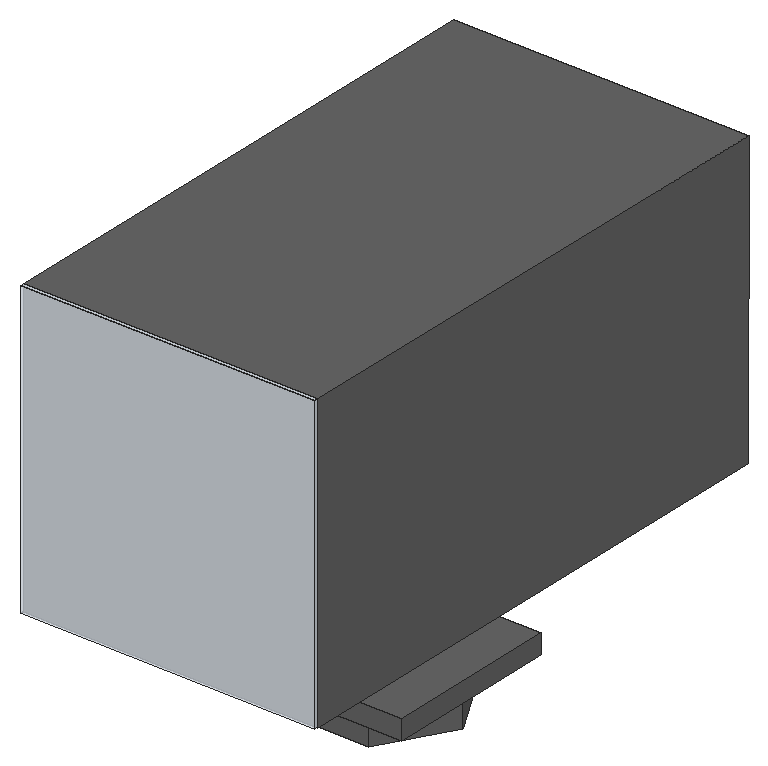
Revit family "LTC-6SQD-W", category Lighting Fixtures, host Face, Revit 2017
Family settings
  Host = Face
  Round Connector Dimension = Use Diameter
  Part Type = Normal
  OmniClass Number = 23.80.70.11.14.11
  OmniClass Title = Downlights
  Cut with Voids When Loaded = No
  Light Source = Yes
  Shared = No
  Room Calculation Point = No
Parameters (values of type "LTC-6SQD-W")
  Wattage Comments = "8-52W"  # constant formula
  Wattage = 70 W
  Warranty = "• 5 year warranty\r\n• See HLI Standard Warranty for\r\nadditional information"  # constant formula
  built-in parameter 1150110 = 1 (stored number, unit not read)
  Voltage = 120 V
  built-in parameter 1114217 = 1 (stored number, unit not read)
  Tilt Angle = -90.00°  # constant formula
  built-in parameter 1150109 = 1 (stored number, unit not read)
  built-in parameter 1150134 = 3
  built-in parameter 1150113 = 1 (stored number, unit not read)
  Recessed = yes
  Photometric Web File = "LTC-6SQD-P-06L35K8MD-DM1-S-BL.ies"
  Features = "•\t6 inch architectural LED downlight cylinder delivering 600–2500 lm \r\n•\t4 beam distributions from 0.6 to 1.2 Spacing Criteria \r\n•\tQuiet reflector appearance with 50º optical cutoff \r\n•\tSpectraSync(TM) Color Tuning technology allows flexibility to tailor CCT to aesthetic preferences Available in Dim To Warm (2200K-3000K) or Tunable White (2700K-5000K or 2700K-6500K), 90 CRI \r\n•\tAvailable in Surface, Wall, Pendant, or Cable/Cord Mount configurations \r\n•\tVersatile canopy options for recessed and surface-mounted J-box applications \r\n•\tStandard with 0-10V dimming to 5%\r\n"  # constant formula
  built-in parameter 1150105 = -12994800 (stored number, unit not read)
  Lumens = 4900 lm
  built-in parameter 1150115 = 1 (stored number, unit not read)
  built-in parameter 1150137 = (empty or 0)
  built-in parameter 1150139 = (empty or 0)
  built-in parameter 1150112 = 1 (stored number, unit not read)
  built-in parameter 1150114 = 1 (stored number, unit not read)
  built-in parameter 1150132 = (empty or 0)
  built-in parameter 1150102 = (empty or 0)
  built-in parameter 1150107 = 3200 (stored number, unit not read)
  built-in parameter 1150138 = (empty or 0)
  built-in parameter 1150106 = -129948 (stored number, unit not read)
  Emit from Rectangle Width = 7.500"  # constant formula
  Emit from Rectangle Length = 7.500"  # constant formula
  Emit Shape Visible in Rendering = no
  built-in parameter 1150104 = 6.5032 (stored number, unit not read)
  Distance = 10.470"
  Dimming Lamp Color Temperature Shift = <None>
  Copyright = "© 2021 Prescolite, a division of Hubbell Lighting, Inc"  # constant formula
  Contact us = "https://www.hubbell.com/prescolite/en/contactUs"
  Color Filter = 16777215
  Certifications = "• cCSAus certified to UL 1598\r\n• Wall Mount: Suitable for wet locations\r\n• Surface & Pendant Mount: Suitable for wet\r\nlocations under covered ceiling\r\n• Cord Mount and all Wall Wash: Suitable for\r\ndamp locations"  # constant formula
  Canopy Height = 0.500"
  Canopy Distance = 4.500"
  built-in parameter 1114218 = 1 (stored number, unit not read)
  Ballast = Paint - Hubbell - Carbon Black
  URL = "https://www.hubbell.com/prescolite/en"
  Product Page URL = "https://www.hubbell.com/prescolite/en/Products/Lighting-Controls/Commercial-Indoor-Lighting/Cylinders/LITEISTRY-6-Square-Cylinder-wSpectraSync/p/3775908"
  Product Documentation Link = "https://hubbellcdn.com/specsheet/LTC-6SQD%20SpectraSync.pdf"
  Model = "LTC-6SQD"  # constant formula
  Manufacturer = "Prescolite"  # constant formula
  Lamp = "LED Lamp"
  Reflector = Glass - Hubbell - Glass
  Description = "LITEISTRY™ 6inch Square Cylinder with color turing "  # constant formula
  Default Elevation = 48.000"
  Backbox = Hubbell - Matt Black
  built-in parameter 1150133 = 10 (stored number, unit not read)
  Apparent Load = 72 VA  # constant formula
Types (3): name | Recessed | Distance | Canopy Height | Canopy Distance
  (no name) | yes | 10.470" | 0.500" | 4.500"
  LTC-6SQD-W | yes | 10.470" | 0.500" | 4.500"
  LTC-6SQD-WCC | no | 12.690" | 3.000" | 5.740"
Reference planes (in)
  plane 1 "Center (Front/Back)": y = 0
  plane 2: z = 0
  plane 3 "Center (Left/Right)": x = 0
  plane 4: z = 2.88
  plane 5: x = -2.8505
  plane 6: x = 2.7495
  plane 7: x = 2.25
  plane 8: x = -2.25
  plane 9: z = 0.5
  plane 10: y = 2.25
  plane 11: y = -2.25
  plane 12: y = 7
  plane 13: y = -7
  plane 14: z = 10.47
  plane 15: x = 3.795
  plane 16: x = -3.795
  plane 17: z = 6.675
Forms (in)
  Extrusion 1, solid, material "Hubbell - Matt Black" <- "Backbox"
    sketch origin (-0.0505, 0.00841, 1.00792) x (0, 1, 0) y (0, 0, 1)
      loop
        line (2.24159, -1.00792) -> (2.24159, -0.50792) -> (-2.25841, -0.50792) -> (-2.25841, -1.00792) -> (2.24159, -1.00792)
    from -2.1995 to 2.3005
  Extrusion 2, solid, material "Paint - Hubbell - Carbon Black" <- "Ballast"
    sketch origin (-0.0505, 0.00841, 0) x (0, 1, 0) y (0, 0, 1)
      loop
        line (0.97237, 0.3077) -> (0.97237, 6.675) -> (-1.03763, 6.675) -> (-1.03763, 0.3077) -> (0.97237, 0.3077)
    from -0.88539 to 0.81657
  Extrusion 3, solid, material "Paint - Hubbell - Carbon Black" <- "Ballast"
    sketch origin (-0.0505, 1, 2.18) x (0, 1, 0) y (0, 0, 1)
      loop
        line (6, 8.29) -> (-7.89784, 8.29) -> (-7.89784, 0.7) -> (6, 0.7) -> (6, 8.29)
    from -3.7445 to 3.8455
  Extrusion 4, solid, material "Glass - Hubbell - Glass" <- "Reflector"
    sketch origin (-0.0505, -0.89784, 3.28125) x (1, 0, 0) y (0, 0, 1)
      loop
        line (-3.7445, -0.40125) -> (3.8455, -0.40125) -> (3.8455, 7.18875) -> (-3.7445, 7.18875) -> (-3.7445, -0.40125)
    from 6 to 6.1
  Extrusion 5, solid, material "Paint - Hubbell - Carbon Black" <- "Ballast", visible <- "Recessed"
    sketch origin (7.83986, -180, 7.93836) x (-1, 0, 0) y (0, -1, 0)
      loop
        line (8.85023, -181.75) -> (9.86059, -180) -> (8.85023, -178.25) -> (6.8295, -178.25) -> (5.81914, -180) -> (6.8295, -181.75) -> (8.85023, -181.75)
    from -8.7365 to -7.93836
Dimensions and locks (in)
  locked: Extrusion 2 sketch curve to Extrusion 2 sketch curve at 2.01
  equal spacing: plane 7, plane 3 "Center (Left/Right)", plane 8
  "Canopy Distance": plane 7 to plane 8
  "Canopy Height": plane 9 to host face
  equal spacing: plane 10, plane 1 "Center (Front/Back)", plane 11
  "Canopy Distance": plane 10 to plane 11
  "Distance": plane 14 to plane 2
  plane 14 to plane 4 = 7.590"
  locked: plane 14 to plane 17 at 3.795
  aligned and locked: plane 2 to host face
  aligned and locked: plane 3 "Center (Left/Right)" to imposter light
  aligned and locked: plane 4 to Extrusion 3 sketch curve
  aligned and locked: Extrusion 3 to Extrusion 4  (x2)
  aligned and locked: Extrusion 1 to plane 9
  aligned and locked: plane 7 to Extrusion 1
  aligned and locked: Extrusion 1 to plane 8
  aligned and locked: Extrusion 1 to plane 10
  aligned and locked: plane 11 to Extrusion 1
  aligned and locked: Extrusion 3 sketch curve to plane 14
  aligned and locked: plane 14 to Extrusion 4
  aligned and locked: Extrusion 4 to plane 16
  aligned and locked: Extrusion 3 to plane 16
  aligned and locked: plane 15 to Extrusion 4
  aligned and locked: plane 15 to Extrusion 3
  aligned and locked: plane 17 to imposter light
  aligned and locked: plane 17 to Extrusion 2
  aligned and locked: level to Extrusion 5
Automatic sketch dimensions
  host sketch curve to host sketch curve = 96.000"  (x2)
  Extrusion 1 sketch curve to level = 0.000"
  plane 9 to Extrusion 1 sketch curve = 0.000"
  level to Extrusion 2 sketch curve = 0.3077"
  Extrusion 2 sketch curve to plane 9 = 6.175"
  Extrusion 4 sketch curve to plane 5 = 0.9445"
  plane 6 to Extrusion 4 sketch curve = 1.0455"
  Extrusion 4 sketch curve to Extrusion 4 sketch curve = 7.590"
  plane 1 "Center (Front/Back)" to Extrusion 1 sketch curve = 2.250"
  Extrusion 1 sketch curve to plane 1 "Center (Front/Back)" = 2.250"
  plane 1 "Center (Front/Back)" to Extrusion 2 sketch curve = 1.02922"
  plane 1 "Center (Front/Back)" to Extrusion 3 sketch curve = 6.89784"
  Extrusion 3 sketch curve to plane 1 "Center (Front/Back)" = 7.000"
  Extrusion 4 sketch curve to plane 9 = 2.380"
Connectors (in)
  electrical at (0, 0, 0), driven by "Description", driven by "Voltage", driven by "Apparent Load"
    settings: index 1, voltage 120 V, apparent load 72 VA, apparent load phase1 0 VA, apparent load phase2 0 VA, apparent load phase3 0 VA, power factor 1, load classification "Other", number of poles 1, system type 30, power factor state 1, is connector primary yes, connector utility no, sub classification motor no, connector description "LITEISTRY™ 6inch Square Cylinder with color turing "
